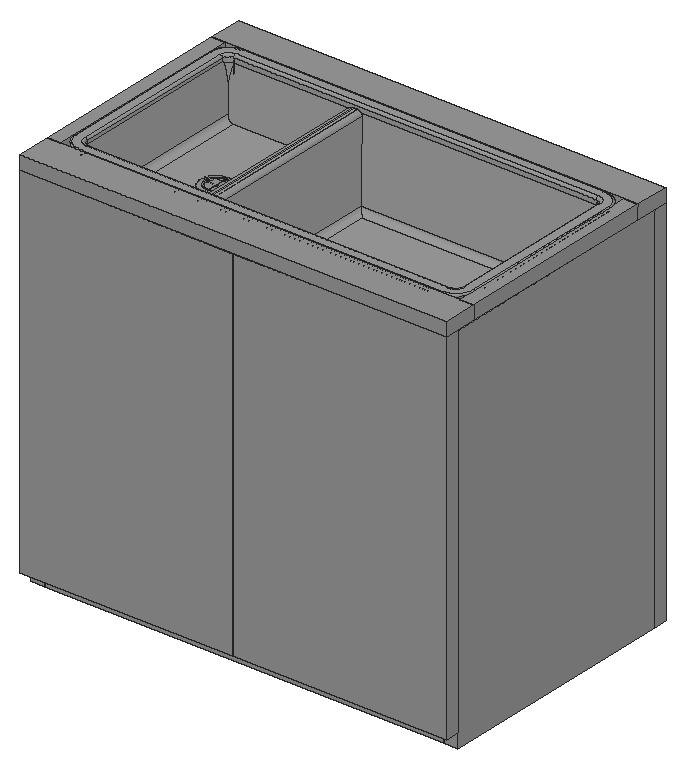
Revit family "MBS_closet with drawer for basins", category Generic Models, Revit 2014
Parameters (values of type "kitchen closet for basin")
  top material = Granite, Cut, Polished TOP MBS
  panel thickness = 30 mm
  closet with door material = Walnut KITCHEN CLOSET MBS
  c_top widht = 934 mm
  c_top depht = 75 mm
  c_shelf widht = c_closet base widht  # 874 mm
  c_shelf depht = c_closet base depht  # 540 mm
  c_closet top widht = c_closet base widht  # 874 mm
  c_closet top depht = c_closet base depht  # 540 mm
  c_closet side widht = c_closet base depht  # 540 mm
  c_closet side height = 820 mm
  c_closet door height = c_closet side height - panel thickness  # 790 mm
  c_closet base widht = 874 mm
  c_closet base depht = 540 mm
  c_closet back widht = c_closet base widht + 2 * panel thickness  # 934 mm
  c_closet back height = c_closet side height  # 820 mm
  c_close door widht = (c_closet base widht + 2 * panel thickness) / 2  # 467 mm
Reference planes
  plane 1 "Center (Front/Back)": y = 0
  plane 2: z = 0
  plane 3 "Center (Left/Right)": x = 0
  plane 4: y = 372.203
  plane 5: x = 297.839
  plane 6: y = -167.797
  plane 7: x = -576.161
  plane 8: x = -342.161
  plane 9: y = 372.203
  plane 10: y = -167.797
  plane 11: z = 0
  plane 12: z = 820
  plane 13: x = 297.839
  plane 14: x = 297.839
  plane 15: x = 297.839
  plane 16: x = 297.839
  plane 17: x = 297.839
  plane 18: x = 297.839
  plane 19: z = 0
  plane 20: y = 372.203
  plane 21: y = -167.797
  plane 22: z = 820
  plane 23: x = 297.839
  plane 24: x = 297.839
  plane 25: z = 790
  plane 26: y = 372.203
  plane 27: z = 0
  plane 28: z = 820
  plane 29: x = 327.839
  plane 30: x = -606.161
  plane 31: y = -122.797
  plane 32: z = 30
  plane 33: y = 372.203
  plane 34: y = -167.797
  plane 35: x = 297.839
  plane 36: x = -576.161
  plane 37: z = 431.881
  plane 38: z = 431.881
  plane 39: y = 372.203
  plane 40: y = -167.797
  plane 41: x = 297.839
  plane 42: x = -576.161
  plane 43: z = 30
  plane 44: z = 820
  plane 45: z = 30
  plane 46: z = 820
  plane 47: z = 820
  plane 48: y = 402.203
  plane 49: y = 327.203
  plane 50: x = 327.839
  plane 51: x = -606.161
  plane 52: y = -197.797
  plane 53: y = -122.797
  plane 54: x = 327.839
  plane 55: x = -606.161
Forms (mm)
  Extrusion 1, solid, material "Walnut KITCHEN CLOSET MBS" <- "closet with door material"
    sketch origin (0, 0, 0) x (1, 0, 0) y (0, 1, 0)
      loop
        line (-576.161, 372.203) -> (-576.161, -167.797) -> (297.839, -167.797) -> (297.839, 372.203) -> (-576.161, 372.203)
    from 0 to 30
  Extrusion 2, solid, material "Walnut KITCHEN CLOSET MBS" <- "closet with door material"
    sketch origin (-342.161, 1682.235, 732.603) x (0, 0, 1) y (0, 1, 0)
      loop
        line (-732.603, -1310.032) -> (-732.603, -1850.032) -> (87.397, -1850.032) -> (87.397, -1310.032) -> (-732.603, -1310.032)
    from 234 to 264
  Extrusion 3, solid, material "Walnut KITCHEN CLOSET MBS" <- "closet with door material"
    sketch origin (297.839, 1758.237, -180.672) x (0, 0, -1) y (0, 1, 0)
      loop
        line (-1000.672, -1386.034) -> (-1000.672, -1926.034) -> (-180.672, -1926.034) -> (-180.672, -1386.034) -> (-1000.672, -1386.034)
    from 0 to 30
  Extrusion 4, solid, material "Walnut KITCHEN CLOSET MBS" <- "closet with door material"
    sketch origin (30, 372.203, -485.587) x (0, 0, -1) y (-1, 0, 0)
      loop
        line (-1305.587, -297.839) -> (-485.587, -297.839) -> (-485.587, 636.161) -> (-1305.587, 636.161) -> (-1305.587, -297.839)
    from 0 to 30
  Extrusion 5, solid, material "Walnut KITCHEN CLOSET MBS" <- "closet with door material"
    sketch origin (-522.738, 2031.941, 30) x (-1, 0, 0) y (0, -1, 0)
      loop
        line (-820.577, 2199.738) -> (-820.577, 1659.738) -> (53.423, 1659.738) -> (53.423, 2199.738) -> (-820.577, 2199.738)
    from 0 to 30
  Extrusion 6, solid, material "Walnut KITCHEN CLOSET MBS" <- "closet with door material"
    sketch origin (-522.738, 2031.941, 431.881) x (-1, 0, 0) y (0, -1, 0)
      loop
        line (-820.577, 2199.738) -> (-820.577, 1659.738) -> (53.423, 1659.738) -> (53.423, 2199.738) -> (-820.577, 2199.738)
    from 0 to 30
  Extrusion 7, solid, material "Walnut KITCHEN CLOSET MBS" <- "closet with door material"
    sketch origin (1218.842, -147.797, -622.839) x (0, 0, -1) y (-1, 0, 0)
      loop
        line (-1442.839, 1358.003) -> (-652.839, 1358.003) -> (-652.839, 1825.003) -> (-1442.839, 1825.003) -> (-1442.839, 1358.003)
    from -50 to -20
  Extrusion 8, solid, material "Walnut KITCHEN CLOSET MBS" <- "closet with door material"
    sketch origin (-843.674, -147.797, -622.839) x (0, 0, -1) y (-1, 0, 0)
      loop
        line (-1442.839, -704.513) -> (-1442.839, -1171.513) -> (-652.839, -1171.513) -> (-652.839, -704.513) -> (-1442.839, -704.513)
    from -50 to -20
  Extrusion 9, solid, material "Granite, Cut, Polished TOP MBS" <- "top material"
    sketch origin (-350, 2395.774, 820) x (-1, 0, 0) y (0, -1, 0)
      loop
        line (-677.839, 2068.57) -> (-677.839, 1993.57) -> (256.161, 1993.57) -> (256.161, 2068.57) -> (-677.839, 2068.57)
    from 0 to 30
  Extrusion 10, solid, material "Granite, Cut, Polished TOP MBS" <- "top material"
    sketch origin (-350, -2191.367, 820) x (-1, 0, 0) y (0, -1, 0)
      loop
        line (-677.839, -2068.57) -> (256.161, -2068.57) -> (256.161, -1993.57) -> (-677.839, -1993.57) -> (-677.839, -2068.57)
    from 0 to 30
  Extrusion 11, solid, material "Granite, Cut, Polished TOP MBS" <- "top material"
    sketch origin (-202.161, -1524, 820) x (1, 0, 0) y (0, 1, 0)
      loop
        line (-374.839, 1851.215) -> (-404, 1851.215) -> (-404, 1401.203) -> (-374.839, 1401.203) -> (-374.839, 1851.215)
      loop
        line (499.161, 1851.215) -> (499.161, 1401.203) -> (530, 1401.203) -> (530, 1851.215) -> (499.161, 1851.215)
    from 0 to 30
Dimensions and locks
  "c_closet base widht": plane 7 to plane 5
  "c_closet base depht": plane 6 to plane 4
  "c_closet side widht": plane 9 to plane 10
  "c_closet side height": plane 11 to plane 12
  "c_closet side height": plane 22 to plane 19
  "c_closet side widht": plane 20 to plane 21
  "c_closet back height": plane 27 to plane 28
  "c_closet back widht": plane 29 to plane 30
  "panel thickness": Extrusion 2 to Extrusion 2
  "panel thickness": Extrusion 3 to Extrusion 3
  "panel thickness": Extrusion 1 to Extrusion 1
  "panel thickness": Extrusion 4 to Extrusion 4
  "c_shelf widht": plane 35 to plane 36
  "c_shelf depht": plane 33 to plane 34
  "panel thickness": Extrusion 5 to Extrusion 5
  "c_shelf widht": plane 41 to plane 42
  "c_shelf depht": plane 39 to plane 40
  "panel thickness": Extrusion 6 to Extrusion 6
  "c_closet door height": plane 44 to plane 43
  "c_close door widht": Extrusion 7 to Extrusion 7
  "panel thickness": Extrusion 7 to Extrusion 7
  "c_closet door height": plane 46 to plane 45
  "c_close door widht": Extrusion 8 to Extrusion 8
  "panel thickness": Extrusion 8 to Extrusion 8
  "c_top widht": plane 50 to plane 51
  "c_top depht": plane 49 to plane 48
  "panel thickness": Extrusion 9 to Extrusion 9
  "c_top widht": plane 54 to plane 55
  "c_top depht": plane 52 to plane 53
  "panel thickness": Extrusion 10 to Extrusion 10
  "panel thickness": Extrusion 11 to Extrusion 11  (x2)
  aligned and locked: level to plane 2
  aligned and locked: plane 4 to Extrusion 1 sketch curve
  aligned and locked: plane 5 to Extrusion 1 sketch curve
  aligned and locked: plane 6 to Extrusion 1 sketch curve
  aligned and locked: plane 7 to Extrusion 1 sketch curve
  aligned and locked: plane 9 to Extrusion 2 sketch curve
  aligned and locked: plane 10 to Extrusion 2 sketch curve
  aligned and locked: plane 11 to Extrusion 2 sketch curve
  aligned and locked: plane 12 to Extrusion 2 sketch curve
  aligned and locked: plane 19 to Extrusion 3 sketch curve
  aligned and locked: plane 20 to Extrusion 3 sketch curve
  aligned and locked: plane 22 to Extrusion 3 sketch curve
  aligned and locked: plane 21 to Extrusion 3 sketch curve
  aligned and locked: plane 27 to Extrusion 4 sketch curve
  aligned and locked: plane 28 to Extrusion 4 sketch curve
  aligned and locked: plane 29 to Extrusion 4 sketch curve
  aligned and locked: plane 30 to Extrusion 4 sketch curve
  aligned and locked: Extrusion 2 to Extrusion 1
  aligned and locked: Extrusion 5 sketch curve to plane 33
  aligned and locked: Extrusion 5 sketch curve to plane 34
  aligned and locked: plane 36 to Extrusion 5 sketch curve
  aligned and locked: Extrusion 5 sketch curve to plane 35
  aligned and locked: Extrusion 6 sketch curve to plane 39
  aligned and locked: Extrusion 6 sketch curve to plane 40
  aligned and locked: plane 42 to Extrusion 6 sketch curve
  aligned and locked: Extrusion 6 sketch curve to plane 41
  aligned and locked: Extrusion 7 sketch curve to plane 43
  aligned and locked: Extrusion 7 sketch curve to plane 44
  aligned and locked: Extrusion 2 to Extrusion 7
  aligned and locked: plane 45 to Extrusion 8 sketch curve
  aligned and locked: plane 46 to Extrusion 8 sketch curve
  aligned and locked: Extrusion 3 to Extrusion 8
  aligned and locked: Extrusion 8 to Extrusion 3
  aligned and locked: Extrusion 7 to Extrusion 2
  aligned and locked: plane 48 to Extrusion 9 sketch curve
  aligned and locked: Extrusion 9 sketch curve to plane 49
  aligned and locked: Extrusion 9 sketch curve to plane 51
  aligned and locked: plane 50 to Extrusion 9 sketch curve
  aligned and locked: plane 52 to Extrusion 10 sketch curve
  aligned and locked: plane 53 to Extrusion 10 sketch curve
  aligned and locked: Extrusion 10 sketch curve to plane 55
  aligned and locked: plane 54 to Extrusion 10 sketch curve
Automatic sketch dimensions
  Extrusion 7 sketch curve to plane 3 "Center (Left/Right)" = 139.161 mm
  plane 8 to Extrusion 7 sketch curve = 264 mm
  Extrusion 8 sketch curve to plane 13 = 30 mm
  Extrusion 8 sketch curve to plane 3 "Center (Left/Right)" = 139.161 mm
  Extrusion 11 sketch curve to plane 26 = 44.988 mm  (x2)
  plane 8 to Extrusion 11 sketch curve = 264 mm
  Extrusion 11 sketch curve to Extrusion 11 sketch curve = 29.161 mm
  plane 13 to Extrusion 11 sketch curve = 0.839 mm
  Extrusion 11 sketch curve to plane 13 = 30 mm
  Extrusion 11 sketch curve to plane 31 = 0 mm  (x2)
Nested families
  nested 1: "Sink_Himacs_CS824D" at (-140, 102.203, 640), type "Sink_Himacs_CS824D"
Definition of nested family "Sink_Himacs_CS824D"
  Parameters (values of type "Sink_Himacs_CS824D")
    Youtube clip = ""
    Width = 874 mm
    Weight Net (Kg) = "18,9"
    Uniclass 2.0 Description = "Wash Basin Systems"
    Uniclass 2.0 Code = "SS-35-65-70-94"
    Uniclass 1.4 Description = "Washbasins"
    Uniclass 1.4 Code = "L7212"
    UNSPSC Code = "301815"
    Technical description = "http://himacs.eu/includes/pdf/LG_Hausys_sinks_technical_datasheet_2014.pdf"
    Region South America = "None"
    Region Oceania = "None"
    Region North America = "None"
    Region Middle East = "None"
    Region Europe = "AT, BE, BG, CH, CS, CY, CZ, DE, DK, EE, ES, FI, FR, GB, GR, HR, HU, IE, IT, LI, LT, LU, LV, MC, MT, NL, NO, PL, PT, RO, RS, SE, SK, UA"
    Region Asia = "None"
    Region Antarctica = "None"
    Region Africa = "None"
    QR code = "http://himacs.bimobject.com/CS824D"
    Product group = "Sinks"
    Product family = "Sinks, Baby Baths & Bowls"
    Product data url = "http://himacs.bimobject.com/CS824D"
    Product certification = ""
    Product SKU = "CS824D"
    Nominal width = "874"
    Nominal height = "200"
    NBS Reference Description = "Wash Basin Systems"
    NBS Reference Code = "35-65-70-94"
    Material Secondary = Steel_Himacs_CS824D_Polished
    Material Main = Natural Acrylic stone_Himacs_CS824D_White
    Manufacturer name = "HI-MACS"
    Manufacturer country = "Italy"
    Manufacturer URL = "http://himacs.eu/"
    Installation instructions = "http://himacs.eu/includes/pdf/HI-MACS_Shape-Installation_UK.pdf"
    IFC Classification = "Furnishing Element"
    Height = 210 mm
    Edition number = "1"
    EAN code = ""
    Design country = "Italy"
    Description = "HI-MACS@ Sinks are produced using a high-quality casting technique. No matter which product you choose from our extensive, eminently combinable selection, all sinks are flush-mounted into the countertop or installed below the surface. Special custom-made creations are also an option."
    Depth = 450 mm
    Date of publishing = "2014-10-09"
    COBIe Type Category = ""
    BIMobject category = "Sanitary"
  Reference planes
    plane 1 "Center (Front/Back)": y = 0
    plane 2: z = 0
    plane 3 "Center (Left/Right)": x = 0
    plane 4: x = -437
    plane 5: x = 437
    plane 6: y = 225
    plane 7: y = -225
    plane 8: z = 210
  Lines and regions (mm)
    symbolic lines
      curve 1: line (-1506.53, 0, 0) -> (-188.312, 0, 0)
      curve 2: line (-125.843, 0, 0) -> (1839.148, 0, 0)
  Dimensions and locks
    equal spacing: plane 4, plane 3 "Center (Left/Right)", plane 5
    "Width": plane 4 to plane 5
    equal spacing: plane 6, plane 1 "Center (Front/Back)", plane 7
    "Depth": plane 6 to plane 7
    "Height": plane 8 to level
    aligned and locked: level to plane 2
  Automatic sketch dimensions
    curve 1 to level = 0 mm
    curve 1 to plane 4 = 1069.53 mm
    plane 5 to curve 2 = 1402.148 mm
    curve 2 to level = 0 mm
    curve 1 to plane 3 "Center (Left/Right)" = 188.312 mm
    curve 1 to curve 2 = 62.469 mm
  Nested families
    nested 1: "CS824D" at (0, 0, 0) x (-1, 0, 0) z (0, 0, 1), type "CS824D"
  Definition of nested family "CS824D"
    Parameters (values of type "CS824D")
      Youtube clip = ""
      Width = 874 mm
      Weight Net (Kg) = "18,9"
      Uniclass 2.0 Description = "Wash Basin Systems"
      Uniclass 2.0 Code = "SS-35-65-70-94"
      Uniclass 1.4 Description = "Washbasins"
      Uniclass 1.4 Code = "L7212"
      UNSPSC Code = "301815"
      Technical description = "http://himacs.eu/includes/pdf/LG_Hausys_sinks_technical_datasheet_2014.pdf"
      Region South America = "None"
      Region Oceania = "None"
      Region North America = "None"
      Region Middle East = "None"
      Region Europe = "AT, BE, BG, CH, CS, CY, CZ, DE, DK, EE, ES, FI, FR, GB, GR, HR, HU, IE, IT, LI, LT, LU, LV, MC, MT, NL, NO, PL, PT, RO, RS, SE, SK, UA"
      Region Asia = "None"
      Region Antarctica = "None"
      Region Africa = "None"
      QR code = "http://himacs.bimobject.com/CS824D"
      Product group = "Sinks"
      Product family = "Sinks, Baby Baths & Bowls"
      Product data url = "http://himacs.bimobject.com/CS824D"
      Product certification = ""
      Product SKU = "CS824D"
      Nominal width = "874"
      Nominal height = "200"
      NBS Reference Description = "Wash Basin Systems"
      NBS Reference Code = "35-65-70-94"
      Material Secondary = Steel_Himacs_CS824D_Polished
      Material Main = Natural Acrylic stone_Himacs_CS824D_White
      Manufacturer name = "HI-MACS"
      Manufacturer country = "Italy"
      Manufacturer URL = "http://himacs.eu/"
      Installation instructions = "http://himacs.eu/includes/pdf/HI-MACS_Shape-Installation_UK.pdf"
      IFC Classification = "Furnishing Element"
      Height = 210 mm
      Edition number = "1"
      EAN code = ""
      Design country = "Italy"
      Description = "HI-MACS@ Sinks are produced using a high-quality casting technique. No matter which product you choose from our extensive, eminently combinable selection, all sinks are flush-mounted into the countertop or installed below the surface. Special custom-made creations are also an option."
      Depth = 450 mm
      Date of publishing = "2014-10-09"
      COBIe Type Category = ""
      BIMobject category = "Sanitary"
    Reference planes
      plane 1 "Center (Front/Back)": y = 0
      plane 2: z = 0
      plane 3 "Center (Left/Right)": x = 0
      plane 4: x = -437
      plane 5: x = 437
      plane 6: y = 225
      plane 7: y = -225
      plane 8: z = 210
      plane 9: z = 200
    Forms (mm)
      Extrusion 1, void
        sketch origin (-95.94, -38.717, 0) x (1, 0, 0) y (0, 1, 0)
          loop
            circle (-51.067, 38.717) r 25
        from -42.169 to 24.113
      Extrusion 2, void
        sketch origin (-145.948, -144.461, 0) x (1, 0, 0) y (0, 1, 0)
          loop
            line (-20.928, 145.794) -> (-20.928, 143.213) -> (-3.24, 143.213) -> (-3.24, 145.794) -> (-20.928, 145.794)
          loop
            line (19.93, 145.794) -> (2.242, 145.794) -> (2.242, 143.213) -> (19.93, 143.213) -> (19.93, 145.794)
          loop
            line (0.792, 165.245) -> (-1.79, 165.245) -> (-1.79, 147.557) -> (0.792, 147.557) -> (0.792, 165.245)
          loop
            line (0.792, 124.075) -> (0.792, 141.762) -> (-1.79, 141.762) -> (-1.79, 124.075) -> (0.792, 124.075)
        from -16.809 to 38.611
      Revolve 3, solid, material "Steel_Himacs_CS824D_Polished" <- "Material Secondary", detail levels fine
        sketch origin (-146.8, -94.898, 0.005) x (0, 1, -0.000081) y (0, 0.000081, 1)
          loop
            line (94.324, 11.805) -> (94.324, 14) -> (72.721, 14)
            arc (72.721, 14) -> (71.82, 14.214) -> (71.112, 14.811) r 2
            arc (71.112, 14.811) -> (70.324, 15.45) -> (69.324, 15.627) r 2.028
            arc (69.324, 15.627) -> (64.52, 15.031) -> (59.79, 14) r 53.074
            line (59.79, 14) -> (69.324, 14) -> (69.324, 0) -> (63.196, 0)
            arc (63.196, 0) -> (66.549, -1.238) -> (70.012, -2.121) r 34.407
            arc (70.012, -2.121) -> (70.576, -1.98) -> (70.825, -1.455) r 0.679
            line (70.825, -1.455) -> (70.825, 10.915)
            arc (70.825, 10.915) -> (71.085, 11.544) -> (71.715, 11.805) r 0.89
            line (71.715, 11.805) -> (94.324, 11.805)
          axis (94.324, 15.627) -> (94.324, -2.121)
        angle from 0 to 360
      Extrusion 4, solid, material "Natural Acrylic stone_Himacs_CS824D_White" <- "Material Main", detail levels fine
        sketch origin (0, 0, 0) x (1, 0, 0) y (0, 0, 1)
          loop
            line (-421.678, 200) -> (-405.778, 18.257)
            arc (-405.778, 18.257) -> (-399.366, 5.254) -> (-385.854, 0) r 20
            line (-385.854, 0) -> (93.44, 0)
            arc (93.44, 0) -> (106.951, 5.254) -> (113.364, 18.255) r 20
            line (113.364, 18.255) -> (128.071, 186.132)
            arc (128.071, 186.132) -> (133.053, 190.696) -> (138.033, 186.13) r 5
            line (138.033, 186.13) -> (146.574, 88.261)
            arc (146.574, 88.261) -> (152.985, 75.256) -> (166.499, 70) r 20
            line (166.499, 70) -> (391.938, 70)
            arc (391.938, 70) -> (405.45, 75.254) -> (411.862, 88.257) r 20
            line (411.862, 88.257) -> (421.638, 200) -> (411.6, 200) -> (402.57, 96.78)
            arc (402.57, 96.78) -> (398.081, 87.678) -> (388.623, 84) r 14
            line (388.623, 84) -> (170.414, 84)
            arc (170.414, 84) -> (160.956, 87.678) -> (156.467, 96.78) r 14
            line (156.467, 96.78) -> (148.555, 187.22)
            arc (148.555, 187.22) -> (144.066, 196.322) -> (134.608, 200) r 14
            line (134.608, 200) -> (131.453, 200)
            arc (131.453, 200) -> (121.995, 196.322) -> (117.506, 187.22) r 14
            line (117.506, 187.22) -> (103.469, 26.78)
            arc (103.469, 26.78) -> (98.981, 17.678) -> (89.523, 14) r 14
            line (89.523, 14) -> (-382.538, 14)
            arc (-382.538, 14) -> (-391.997, 17.678) -> (-396.485, 26.78) r 14
            line (-396.485, 26.78) -> (-411.64, 200) -> (-421.678, 200)
        from -210 to 210
      Extrusion 5, solid, material "Natural Acrylic stone_Himacs_CS824D_White" <- "Material Main", detail levels fine
        sketch origin (0, 0, 0) x (0, 1, 0) y (0, 0, 1)
          loop
            line (199.6, 200) -> (187.505, 27.029)
            arc (187.505, 27.029) -> (183.087, 17.766) -> (173.539, 14.005) r 14
            line (173.539, 14.005) -> (-165.566, 14.005)
            arc (-165.566, 14.005) -> (-174.843, 17.52) -> (-179.462, 26.299) r 14
            line (-179.462, 26.299) -> (-200.789, 200) -> (-210.865, 200) -> (-188.464, 17.563)
            arc (-188.464, 17.563) -> (-181.866, 5.021) -> (-168.613, 0) r 20
            line (-168.613, 0) -> (176.989, 0)
            arc (176.989, 0) -> (190.629, 5.373) -> (196.94, 18.605) r 20
            line (196.94, 18.605) -> (209.624, 200) -> (199.6, 200)
        from -421.678 to 432.536
      Extrusion 6, void
        sketch origin (0, 0, 0) x (1, 0, 0) y (0, 0, 1)
          loop
            line (-422.116, 205) -> (-442, 205) -> (-442, -5) -> (442, -5) -> (442, 205) -> (422.077, 205) -> (411.863, 88.257)
            arc (411.863, 88.257) -> (405.451, 75.254) -> (391.939, 70) r 20
            line (391.939, 70) -> (166.499, 70)
            arc (166.499, 70) -> (152.985, 75.256) -> (146.574, 88.261) r 20
            line (146.574, 88.261) -> (138.033, 186.13)
            arc (138.033, 186.13) -> (133.053, 190.696) -> (128.071, 186.132) r 5
            line (128.071, 186.132) -> (113.364, 18.255)
            arc (113.364, 18.255) -> (106.951, 5.254) -> (93.44, 0) r 20
            line (93.44, 0) -> (-385.854, 0)
            arc (-385.854, 0) -> (-399.366, 5.254) -> (-405.778, 18.257) r 20
            line (-405.778, 18.257) -> (-422.116, 205)
        from -245.972 to 264.894
      Sweep 7, solid, material "Natural Acrylic stone_Himacs_CS824D_White" <- "Material Main", detail levels fine
        path origin (0, 0, 0) x (1, 0, 0) y (0, 1, 0)
          loop
            arc (-397, 225) -> (-425.284, 213.284) -> (-437, 185) r 40
            line (-437, 185) -> (-437, -185)
            arc (-437, -185) -> (-425.284, -213.284) -> (-397, -225) r 40
            line (-397, -225) -> (397, -225)
            arc (397, -225) -> (425.284, -213.284) -> (437, -185) r 40
            line (437, -185) -> (437, 185)
            arc (437, 185) -> (425.284, 213.284) -> (397, 225) r 40
            line (397, 225) -> (-397, 225)
        profile origin (0, 225, 0) x (0, 1, 0) y (0, 0, 1)
          loop
            line (-2.605, 210) -> (-20.4, 210)
            arc (-20.4, 210) -> (-23.936, 208.536) -> (-25.4, 205) r 5
            line (-25.4, 205) -> (-25.4, 195.349) -> (-15.701, 195.349)
            arc (-15.701, 195.349) -> (-14.123, 198.657) -> (-10.713, 200) r 5
            line (-10.713, 200) -> (-3.433, 200)
            arc (-3.433, 200) -> (-2.215, 200.413) -> (-1.501, 201.482) r 2
            line (-1.501, 201.482) -> (-0.095, 206.729)
            arc (-0.095, 206.729) -> (-0.544, 208.983) -> (-2.605, 210) r 2.599
      Extrusion 8, solid, material "Natural Acrylic stone_Himacs_CS824D_White" <- "Material Main", detail levels fine
        sketch origin (-0.078, 0.078, 0) x (1, 0, 0) y (0, 1, 0)
          loop
            arc (-411.6, 185) -> (-407.324, 195.324) -> (-397, 199.6) r 14.6
            line (-397, 199.6) -> (-397, 201.6)
            arc (-397, 201.6) -> (-408.738, 196.738) -> (-413.6, 185) r 16.6
            line (-413.6, 185) -> (-411.6, 185)
        from 141.487 to 200
      Extrusion 9, solid, material "Natural Acrylic stone_Himacs_CS824D_White" <- "Material Main", detail levels fine
        sketch origin (0.078, 0.078, 0) x (-1, 0, 0) y (0, -1, 0)
          loop
            line (-411.6, -185) -> (-413.6, -185)
            arc (-413.6, -185) -> (-408.738, -196.738) -> (-397, -201.6) r 16.6
            line (-397, -201.6) -> (-397, -199.6)
            arc (-397, -199.6) -> (-407.324, -195.324) -> (-411.6, -185) r 14.6
        from 141.487 to 200
      Extrusion 10, solid, material "Natural Acrylic stone_Himacs_CS824D_White" <- "Material Main", detail levels fine
        sketch origin (-0.078, -0.078, 0) x (1, 0, 0) y (0, 1, 0)
          loop
            line (-411.6, -185) -> (-413.6, -185)
            arc (-413.6, -185) -> (-408.738, -196.738) -> (-397, -201.6) r 16.6
            line (-397, -201.6) -> (-397, -199.6)
            arc (-397, -199.6) -> (-407.324, -195.324) -> (-411.6, -185) r 14.6
        from 141.487 to 200
      Extrusion 11, solid, material "Natural Acrylic stone_Himacs_CS824D_White" <- "Material Main", detail levels fine
        sketch origin (0.078, -0.078, 0) x (-1, 0, 0) y (0, -1, 0)
          loop
            arc (-411.6, 185) -> (-407.324, 195.324) -> (-397, 199.6) r 14.6
            line (-397, 199.6) -> (-397, 201.6)
            arc (-397, 201.6) -> (-408.738, 196.738) -> (-413.6, 185) r 16.6
            line (-413.6, 185) -> (-411.6, 185)
        from 141.487 to 200
      Extrusion 12, void
        sketch origin (108.909, -144.812, 69.138) x (1, 0, 0) y (0, 1, 0)
          loop
            line (147.635, 145.482) -> (147.635, 142.9) -> (165.635, 142.9) -> (165.635, 145.482) -> (147.635, 145.482)
          loop
            line (189.117, 145.482) -> (171.117, 145.482) -> (171.117, 142.9) -> (189.117, 142.9) -> (189.117, 145.482)
          loop
            line (169.667, 165.245) -> (167.085, 165.245) -> (167.085, 147.245) -> (169.667, 147.245) -> (169.667, 165.245)
          loop
            line (169.667, 123.45) -> (169.667, 141.45) -> (167.085, 141.45) -> (167.085, 123.45) -> (169.667, 123.45)
        from -5.779 to 25.972
      Revolve 13, solid, material "Steel_Himacs_CS824D_Polished" <- "Material Secondary", detail levels fine
        sketch origin (276.89, -94.928, 70.063) x (0, 1, 0) y (0, 0, -1)
          loop
            line (94.324, -11.805) -> (71.715, -11.805)
            arc (71.715, -11.805) -> (71.085, -11.544) -> (70.825, -10.915) r 0.89
            line (70.825, -10.915) -> (70.825, 1.455)
            arc (70.825, 1.455) -> (70.576, 1.98) -> (70.012, 2.121) r 0.679
            arc (70.012, 2.121) -> (66.549, 1.238) -> (63.196, 0) r 34.407
            line (63.196, 0) -> (69.324, 0) -> (69.324, -14) -> (59.79, -14)
            arc (59.79, -14) -> (64.52, -15.031) -> (69.324, -15.627) r 53.074
            arc (69.324, -15.627) -> (70.324, -15.45) -> (71.112, -14.811) r 2.028
            arc (71.112, -14.811) -> (71.82, -14.214) -> (72.721, -14) r 2
            line (72.721, -14) -> (94.324, -14) -> (94.324, -11.805)
          axis (94.324, -15.627) -> (94.324, 2.121)
        angle from 0 to 360
      Extrusion 14, void
        sketch origin (205.004, -273.709, 0) x (-1, 0, 0) y (0, -1, 0)
          loop
            circle (-72.086, -273.106) r 25
        from -12.28 to 110.292
      Extrusion 15, solid, detail levels coarse
        sketch origin (0, 0, 0) x (1, 0, 0) y (0, 1, 0)
          loop
            arc (-397, 225) -> (-425.284, 213.284) -> (-437, 185) r 40
            line (-437, 185) -> (-437, -185)
            arc (-437, -185) -> (-425.284, -213.284) -> (-397, -225) r 40
            line (-397, -225) -> (397, -225)
            arc (397, -225) -> (425.284, -213.284) -> (437, -185) r 40
            line (437, -185) -> (437, 185)
            arc (437, 185) -> (425.284, 213.284) -> (397, 225) r 40
            line (397, 225) -> (-397, 225)
        from 0 to 210
      Sweep 16, solid, detail levels medium
        path origin (0, 0, 0) x (1, 0, 0) y (0, 1, 0)
          loop
            arc (-397, 225) -> (-425.284, 213.284) -> (-437, 185) r 40
            line (-437, 185) -> (-437, -185)
            arc (-437, -185) -> (-425.284, -213.284) -> (-397, -225) r 40
            line (-397, -225) -> (397, -225)
            arc (397, -225) -> (425.284, -213.284) -> (437, -185) r 40
            line (437, -185) -> (437, 185)
            arc (437, 185) -> (425.284, 213.284) -> (397, 225) r 40
            line (397, 225) -> (-397, 225)
        profile origin (0, 225, 0) x (0, 1, 0) y (0, 0, 1)
          loop
            line (-6.367, 210) -> (-13.721, 210)
            arc (-13.721, 210) -> (-18.161, 208.161) -> (-20, 203.721) r 6.279
            line (-20, 203.721) -> (-20, 0) -> (-15, 0)
            arc (-15, 0) -> (-4.393, 4.393) -> (0, 15) r 15
            line (0, 15) -> (0, 203.633)
            arc (0, 203.633) -> (-1.865, 208.135) -> (-6.367, 210) r 6.367
      Extrusion 17, solid, detail levels medium
        sketch origin (0, 0, 0) x (1, 0, 0) y (0, 0, 1)
          loop
            arc (107.259, 41.078) -> (99.244, 24.825) -> (82.354, 18.257) r 25
            line (82.354, 18.257) -> (-400.285, 18.257)
            arc (-400.285, 18.257) -> (-412.271, 25.224) -> (-417, 38.257) r 20.323
            line (-417, 38.257) -> (-417, 18.257) -> (-417, 0) -> (27.838, 0) -> (422.805, 0) -> (429.789, 200) -> (421.638, 200) -> (411.862, 88.257)
            arc (411.862, 88.257) -> (405.45, 75.254) -> (391.938, 70) r 20
            line (391.938, 70) -> (175.224, 70)
            arc (175.224, 70) -> (161.712, 75.254) -> (155.3, 88.257) r 20
            line (155.3, 88.257) -> (146.958, 183.61)
            arc (146.958, 183.61) -> (144.713, 188.161) -> (139.984, 190) r 7
            line (139.984, 190) -> (126.702, 190)
            arc (126.702, 190) -> (121.973, 188.161) -> (119.729, 183.61) r 7
            line (119.729, 183.61) -> (107.259, 41.078)
        from -194.624 to 194.675
      Extrusion 18, void
        sketch origin (0, 0, 0) x (0, 1, 0) y (0, 0, 1)
          loop
            arc (196.94, 18.605) -> (190.629, 5.373) -> (176.989, 0) r 20
            line (176.989, 0) -> (-168.613, 0)
            arc (-168.613, 0) -> (-181.866, 5.021) -> (-188.464, 17.563) r 20
            line (-188.464, 17.563) -> (-213.32, 220) -> (-225, 220) -> (-225, -20) -> (235.324, -20) -> (235.324, 210) -> (210.324, 210) -> (196.94, 18.605)
        from -442 to 477.299
    Cuts and joins
      Extrusion 1, Extrusion 6, Extrusion 14, Extrusion 18 cuts Extrusion 5
      Extrusion 1, Extrusion 12, Extrusion 14, Extrusion 18 cuts Extrusion 4
      Extrusion 2, Extrusion 12, Extrusion 14 cuts Revolve 3
      Extrusion 12 cuts Revolve 13
    Lines and regions (mm)
      symbolic lines
        curve 1: line (-397, 225, 0) -> (397, 225, 0)
        curve 2: line (-437, -185, 0) -> (-437, 185, 0)
        curve 3: line (397, -225, 0) -> (-397, -225, 0)
        curve 4: line (437, 185, 0) -> (437, -185, 0)
        curve 5: arc (-397, 225, 0) -> (-425.284, 213.284, 0) -> (-437, 185, 0) r 40
        curve 6: arc (397, 225, 0) -> (425.284, 213.284, 0) -> (437, 185, 0) r 40
        curve 7: arc (-437, -185, 0) -> (-425.284, -213.284, 0) -> (-397, -225, 0) r 40
        curve 8: arc (397, -225, 0) -> (425.284, -213.284, 0) -> (437, -185, 0) r 40
        curve 17: circle (-146.697, -0.119, 0) r 34.343 normal (0, 0, 1)
        curve 18: circle (276.686, -0.787, 0) r 34.661 normal (0, 0, 1)
        curve 55: line (0, 222.488, 210) -> (0, -222.456, 210)
        curve 56: line (0, 223.446, 201.331) -> (0, 224.92, 206.831)
        curve 57: line (0, -221.624, 200) -> (0, -214.516, 200)
        curve 58: line (0, -224.925, 206.782) -> (0, -223.491, 201.432)
        curve 59: line (0, 209.307, 195.455) -> (0, 196.859, 17.449)
        curve 60: arc (0, 183.608, 0) -> (0, 192.836, 6.749) -> (0, 196.859, 17.449) r 20
        curve 61: line (0, 158.056, 0) -> (0, 30.084, 0)
        curve 62: arc (0, -169.369, 0) -> (0, -185.185, 7.899) -> (0, -191.606, 24.37) r 24.575
        curve 63: line (0, -191.606, 24.37) -> (0, -209.129, 195.554)
        curve 64: line (0, 183.608, 0) -> (0, 158.056, 0)
        curve 65: arc (0, 30.084, 0) -> (0, 26.624, -1.138) -> (0, 23.053, -1.863) r 31.019
        curve 66: line (0, 23.053, -1.863) -> (0, -25.712, -2.111)
        curve 67: arc (0, -25.712, -2.111) -> (0, -29.028, -1.234) -> (0, -32.228, 0) r 31.298
        curve 68: arc (0, 213.449, 200) -> (0, 210.601, 198.436) -> (0, 209.307, 195.455) r 5.023
        curve 69: arc (0, -209.129, 195.554) -> (0, -211.014, 198.757) -> (0, -214.516, 200) r 5.433
        curve 71: line (0, 213.449, 200) -> (0, 221.712, 200)
        curve 72: arc (0, 224.92, 206.831) -> (0, 224.485, 209.015) -> (0, 222.488, 210) r 2.518
        curve 73: arc (0, 221.712, 200) -> (0, 222.805, 200.371) -> (0, 223.446, 201.331) r 1.796
        curve 74: arc (0, -223.491, 201.432) -> (0, -222.801, 200.399) -> (0, -221.624, 200) r 1.933
        curve 75: arc (0, -222.456, 210) -> (0, -224.483, 209) -> (0, -224.925, 206.782) r 2.556
        curve 77: line (0, -32.228, 0) -> (0, -169.369, 0)
        curve 78: line (-434.423, 0, 210) -> (434.426, 0, 210)
        curve 79: line (436.969, 0, 206.625) -> (435.495, 0, 201.486)
        curve 80: line (433.523, 0, 200) -> (426.22, 0, 200)
        curve 81: line (-435.478, 0, 201.35) -> (-436.923, 0, 206.742)
        curve 82: line (-433.719, 0, 200) -> (-426.26, 0, 200)
        curve 83: line (-405.778, 0, 18.257) -> (-421.279, 0, 195.436)
        curve 84: arc (-405.778, 0, 18.257) -> (-399.366, 0, 5.254) -> (-385.854, 0, 0) r 20
        curve 85: line (-1506.53, 0, 0) -> (-188.312, 0, 0)
        curve 86: arc (93.44, 0, 0) -> (106.951, 0, 5.254) -> (113.364, 0, 18.255) r 20
        curve 87: line (113.364, 0, 18.255) -> (128.071, 0, 186.132)
        curve 88: arc (128.071, 0, 186.132) -> (133.053, 0, 190.696) -> (138.033, 0, 186.13) r 5
        curve 89: line (138.033, 0, 186.13) -> (146.574, 0, 88.261)
        curve 90: arc (146.574, 0, 88.261) -> (152.985, 0, 75.256) -> (166.499, 0, 70) r 20
        curve 91: line (166.499, 0, 70) -> (245.609, 0, 70)
        curve 92: line (411.862, 0, 88.257) -> (421.239, 0, 195.436)
        curve 93: arc (391.938, 0, 70) -> (405.45, 0, 75.254) -> (411.862, 0, 88.257) r 20
        curve 95: arc (-436.923, 0, 206.742) -> (-436.476, 0, 208.988) -> (-434.423, 0, 210) r 2.588
        curve 96: arc (-433.719, 0, 200) -> (-434.827, 0, 200.376) -> (-435.478, 0, 201.35) r 1.821
        curve 97: arc (-426.26, 0, 200) -> (-422.882, 0, 198.686) -> (-421.279, 0, 195.436) r 5
        curve 98: arc (426.22, 0, 200) -> (422.842, 0, 198.686) -> (421.239, 0, 195.436) r 5
        curve 99: arc (435.495, 0, 201.486) -> (434.758, 0, 200.413) -> (433.523, 0, 200) r 2.052
        curve 100: arc (434.426, 0, 210) -> (436.539, 0, 208.946) -> (436.969, 0, 206.625) r 2.646
        curve 101: arc (-181.153, 0, -2.189) -> (-184.794, 0, -1.296) -> (-188.312, 0, 0) r 33.348
        curve 102: line (-181.153, 0, -2.189) -> (-132.716, 0, -2.189)
        curve 103: arc (-132.716, 0, -2.189) -> (-129.228, 0, -1.255) -> (-125.843, 0, 0) r 38.729
        curve 105: line (-125.843, 0, 0) -> (1839.148, 0, 0)
        curve 106: arc (252.769, 0, 67.811) -> (249.127, 0, 68.704) -> (245.609, 0, 70) r 33.348
        curve 107: line (252.769, 0, 67.811) -> (300.581, 0, 67.811)
        curve 108: arc (300.581, 0, 67.811) -> (304.068, 0, 68.745) -> (307.453, 0, 70) r 38.729
        curve 110: line (307.453, 0, 70) -> (391.938, 0, 70)
      symbolic lines, detail levels medium+fine
        curve 9: line (-396.6, 199.6, 0) -> (396.6, 199.6, 0)
        curve 10: line (-411.6, -184.6, 0) -> (-411.6, 184.6, 0)
        curve 11: line (396.6, -199.6, 0) -> (-396.6, -199.6, 0)
        curve 12: line (411.6, 184.6, 0) -> (411.6, -184.6, 0)
        curve 13: arc (-396.6, 199.6, 0) -> (-407.207, 195.207, 0) -> (-411.6, 184.6, 0) r 15
        curve 14: arc (396.6, 199.6, 0) -> (407.207, 195.207, 0) -> (411.6, 184.6, 0) r 15
        curve 15: arc (-411.6, -184.6, 0) -> (-407.207, -195.207, 0) -> (-396.6, -199.6, 0) r 15
        curve 16: arc (396.6, -199.6, 0) -> (407.207, -195.207, 0) -> (411.6, -184.6, 0) r 15
        curve 19: circle (-146.697, -0.119, 0) r 23.543 normal (0, 0, 1)
        curve 20: circle (276.686, -0.787, 0) r 23.861 normal (0, 0, 1)
        curve 53: line (118, 199.6, 0) -> (118, -199.6, 0)
        curve 54: line (148, 199.6, 0) -> (148, -199.6, 0)
        curve 70: line (0, -214.516, 200) -> (0, 213.449, 200)
        curve 94: line (426.22, 0, 200) -> (-426.26, 0, 200)
      symbolic lines, detail levels fine
        curve 21: line (-145.156, 3.096, 0) -> (-145.156, 21.096, 0)
        curve 22: line (-145.156, 21.096, 0) -> (-147.737, 21.096, 0)
        curve 23: line (-147.737, 21.096, 0) -> (-147.737, 3.096, 0)
        curve 24: line (-147.737, 3.096, 0) -> (-145.156, 3.096, 0)
        curve 25: line (-149.188, 1.333, 0) -> (-167.188, 1.333, 0)
        curve 26: line (-149.188, -1.249, 0) -> (-149.188, 1.333, 0)
        curve 27: line (-167.188, -1.249, 0) -> (-149.188, -1.249, 0)
        curve 28: line (-167.188, 1.333, 0) -> (-167.188, -1.249, 0)
        curve 29: line (-125.705, 1.333, 0) -> (-143.705, 1.333, 0)
        curve 30: line (-125.705, -1.249, 0) -> (-125.705, 1.333, 0)
        curve 31: line (-143.705, -1.249, 0) -> (-125.705, -1.249, 0)
        curve 32: line (-143.705, 1.333, 0) -> (-143.705, -1.249, 0)
        curve 33: line (-145.156, -2.699, 0) -> (-147.737, -2.699, 0)
        curve 34: line (-145.156, -20.699, 0) -> (-145.156, -2.699, 0)
        curve 35: line (-147.737, -2.699, 0) -> (-147.737, -20.699, 0)
        curve 36: line (-147.737, -20.699, 0) -> (-145.156, -20.699, 0)
        curve 37: line (275.934, 20.244, 0) -> (275.934, 2.244, 0)
        curve 38: line (278.516, 2.244, 0) -> (278.516, 20.244, 0)
        curve 39: line (278.516, 20.244, 0) -> (275.934, 20.244, 0)
        curve 40: line (275.934, 2.244, 0) -> (278.516, 2.244, 0)
        curve 41: line (274.483, 0.481, 0) -> (256.483, 0.481, 0)
        curve 42: line (256.483, 0.481, 0) -> (256.483, -2.1, 0)
        curve 43: line (256.483, -2.1, 0) -> (274.483, -2.1, 0)
        curve 44: line (274.483, -2.1, 0) -> (274.483, 0.481, 0)
        curve 45: line (297.966, 0.481, 0) -> (279.966, 0.481, 0)
        curve 46: line (279.966, -2.1, 0) -> (297.966, -2.1, 0)
        curve 47: line (297.966, -2.1, 0) -> (297.966, 0.481, 0)
        curve 48: line (279.966, 0.481, 0) -> (279.966, -2.1, 0)
        curve 49: line (278.516, -3.551, 0) -> (275.934, -3.551, 0)
        curve 50: line (278.516, -21.551, 0) -> (278.516, -3.551, 0)
        curve 51: line (275.934, -3.551, 0) -> (275.934, -21.551, 0)
        curve 52: line (275.934, -21.551, 0) -> (278.516, -21.551, 0)
        curve 76: line (0, 30.084, 0) -> (0, -32.228, 0)
        curve 104: line (-188.312, 0, 0) -> (-125.843, 0, 0)
        curve 109: line (245.609, 0, 70) -> (307.453, 0, 70)
    Dimensions and locks
      equal spacing: plane 4, plane 3 "Center (Left/Right)", plane 5
      "Width": plane 4 to plane 5
      equal spacing: plane 6, plane 1 "Center (Front/Back)", plane 7
      "Depth": plane 6 to plane 7
      "Height": plane 8 to level
      aligned and locked: level to plane 2
    Automatic sketch dimensions
      Extrusion 1 sketch curve to plane 3 "Center (Left/Right)" = 147.006 mm
      Extrusion 2 sketch curve to plane 3 "Center (Left/Right)" = 166.876 mm
      Extrusion 2 sketch curve to Extrusion 2 sketch curve = 17.688 mm  (x4)
      Extrusion 2 sketch curve to Extrusion 2 sketch curve = 1.451 mm  (x5)
      Extrusion 2 sketch curve to Extrusion 2 sketch curve = 2.582 mm  (x4)
      plane 1 "Center (Front/Back)" to Extrusion 2 sketch curve = 20.387 mm
      Extrusion 2 sketch curve to Extrusion 2 sketch curve = 1.763 mm
      Extrusion 6 sketch curve to plane 4 = 5 mm
      Extrusion 6 sketch curve to plane 8 = 5 mm  (x2)
      plane 5 to Extrusion 6 sketch curve = 5 mm
      Extrusion 6 sketch curve to level = 5 mm
      level to Extrusion 6 sketch curve = 18.257 mm
      level to Extrusion 6 sketch curve = 70 mm
      Extrusion 6 sketch curve to Extrusion 6 sketch curve = 18.257 mm
      Sweep 7 sketch curve to plane 4 = 0 mm
      Sweep 7 sketch curve to plane 7 = 0 mm
      Sweep 7 sketch curve to plane 6 = 0 mm
      Sweep 7 sketch curve to plane 5 = 0 mm
      profile plane to Sweep 7 sketch curve = 25.4 mm
      Sweep 7 sketch curve to Sweep 7 sketch curve = 5 mm
      Sweep 7 sketch curve to Sweep 7 sketch curve = 9.699 mm
      Sweep 7 sketch curve to Sweep 7 sketch curve = 4.988 mm
      profile plane to Sweep 7 sketch curve = 3.433 mm
      profile plane to Sweep 7 sketch curve = 2.605 mm
      profile plane to Sweep 7 sketch curve = 1.501 mm
      profile plane to Sweep 7 sketch curve = 0.095 mm
      level to Sweep 7 sketch curve = 195 mm
      Sweep 7 sketch curve to Sweep 7 sketch curve = 0.349 mm
      Sweep 7 sketch curve to Sweep 7 sketch curve = 1.482 mm
      Sweep 7 sketch curve to Sweep 7 sketch curve = 9.651 mm
      Sweep 7 sketch curve to Sweep 7 sketch curve = 3.271 mm
      Extrusion 12 sketch curve to Extrusion 12 sketch curve = 18 mm  (x4)
      Extrusion 12 sketch curve to Extrusion 12 sketch curve = 1.451 mm  (x5)
      Extrusion 12 sketch curve to Extrusion 12 sketch curve = 2.582 mm  (x4)
      plane 1 "Center (Front/Back)" to Extrusion 12 sketch curve = 21.362 mm
      Extrusion 12 sketch curve to Extrusion 12 sketch curve = 1.763 mm
      plane 1 "Center (Front/Back)" to Revolve 13 sketch curve = 35.138 mm
      Revolve 13 sketch curve to Revolve 13 sketch curve = 3.406 mm
      Revolve 13 sketch curve to Revolve 13 sketch curve = 9.534 mm
      Revolve 13 sketch curve to Revolve 13 sketch curve = 0.158 mm
      Revolve 13 sketch curve to Revolve 13 sketch curve = 0.821 mm
      Revolve 13 sketch curve to Revolve 13 sketch curve = 0.679 mm
      Revolve 13 sketch curve to Revolve 13 sketch curve = 0.89 mm
      Revolve 13 sketch curve to Revolve 13 sketch curve = 3.397 mm
      Revolve 13 sketch curve to Revolve 13 sketch curve = 2.625 mm
      Revolve 13 sketch curve to Revolve 13 sketch curve = 4.051 mm
      Revolve 13 sketch curve to Revolve 13 sketch curve = 21.603 mm
      Revolve 13 sketch curve to plane 9 = 98.321 mm
      Revolve 13 sketch curve to Revolve 13 sketch curve = 15.616 mm
      Revolve 13 sketch curve to Revolve 13 sketch curve = 2 mm
      Revolve 13 sketch curve to Revolve 13 sketch curve = 0 mm  (x3)
      Revolve 13 sketch curve to Revolve 13 sketch curve = 0.395 mm
      Revolve 13 sketch curve to Revolve 13 sketch curve = 2.195 mm
      Revolve 13 sketch curve to Revolve 13 sketch curve = 10.915 mm
      Revolve 13 sketch curve to Revolve 13 sketch curve = 1.455 mm
      level to Revolve 13 sketch curve = 32.777 mm
      Revolve 13 sketch curve to Revolve 13 sketch curve = 6.762 mm
      Revolve 13 sketch curve to Revolve 13 sketch curve = 0.862 mm
      curve 75 to plane 8 = 0 mm
      curve 74 to plane 9 = 0 mm
      curve 61 to level = 0 mm
      plane 7 to curve 58 = 0.075 mm
      plane 7 to curve 58 = 1.509 mm
      plane 7 to curve 75 = 2.544 mm
      curve 74 to curve 74 = 1.867 mm
      curve 57 to curve 57 = 7.108 mm
      curve 57 to curve 69 = 0.044 mm
      curve 63 to plane 9 = 4.446 mm
      curve 69 to curve 63 = 5.343 mm
      level to curve 77 = 0 mm  (x2)
      curve 62 to curve 77 = 22.238 mm
      curve 77 to curve 62 = 2.337 mm
      curve 66 to level = 2.111 mm
      plane 1 "Center (Front/Back)" to curve 66 = 25.712 mm
      curve 67 to curve 67 = 6.332 mm
      curve 67 to curve 65 = 38.06 mm
      curve 66 to level = 1.863 mm
      curve 65 to curve 66 = 4.374 mm
      curve 66 to curve 61 = 135.003 mm
      curve 61 to curve 60 = 18.852 mm
      curve 61 to curve 64 = 25.552 mm
      curve 71 to plane 6 = 11.551 mm
      curve 68 to curve 68 = 0.865 mm
      curve 73 to plane 6 = 3.288 mm
      curve 55 to plane 6 = 2.512 mm
      curve 56 to plane 6 = 1.554 mm
      curve 56 to plane 6 = 0.08 mm
      level to curve 59 = 17.449 mm
      curve 77 to curve 63 = 24.37 mm
      level to curve 65 = 28.846 mm
      level to curve 67 = 28.54 mm
      curve 68 to plane 9 = 4.948 mm
      plane 9 to curve 56 = 1.331 mm
      plane 9 to curve 58 = 1.432 mm
      curve 58 to plane 8 = 3.218 mm
      curve 56 to plane 8 = 3.169 mm
      curve 68 to plane 9 = 4.545 mm
      level to curve 61 = 0 mm
      Extrusion 15 sketch curve to plane 4 = 0 mm
      Extrusion 15 sketch curve to plane 6 = 0 mm
      Extrusion 15 sketch curve to plane 7 = 0 mm
      Extrusion 15 sketch curve to plane 5 = 0 mm
      Sweep 16 sketch curve to plane 4 = 0 mm
      Sweep 16 sketch curve to plane 6 = 0 mm
      Sweep 16 sketch curve to plane 7 = 0 mm
      Sweep 16 sketch curve to plane 5 = 0 mm
      Sweep 16 sketch curve to level = 0 mm
      Sweep 16 sketch curve to profile plane = 0 mm
      profile plane to Sweep 16 sketch curve = 6.367 mm
      Sweep 16 sketch curve to Sweep 16 sketch curve = 7.354 mm
      level to Sweep 16 sketch curve = 15 mm
      Sweep 16 sketch curve to Sweep 16 sketch curve = 5 mm
      Sweep 16 sketch curve to Sweep 16 sketch curve = 188.633 mm
      Extrusion 17 sketch curve to level = 0 mm
      Extrusion 17 sketch curve to plane 9 = 0 mm
      plane 3 "Center (Left/Right)" to Extrusion 17 sketch curve = 82.354 mm
      Extrusion 17 sketch curve to Extrusion 17 sketch curve = 54.516 mm
      Extrusion 17 sketch curve to Extrusion 17 sketch curve = 24.905 mm
      Extrusion 17 sketch curve to plane 9 = 16.39 mm  (x2)
      plane 3 "Center (Left/Right)" to Extrusion 17 sketch curve = 119.729 mm
      Extrusion 17 sketch curve to Extrusion 17 sketch curve = 6.973 mm  (x2)
      Extrusion 17 sketch curve to Extrusion 17 sketch curve = 13.282 mm
      Extrusion 17 sketch curve to Extrusion 17 sketch curve = 48.041 mm
      Extrusion 17 sketch curve to Extrusion 17 sketch curve = 19.924 mm  (x2)
      Extrusion 17 sketch curve to plane 5 = 7.211 mm
      level to Extrusion 17 sketch curve = 18.257 mm  (x2)
      Extrusion 17 sketch curve to Extrusion 17 sketch curve = 22.821 mm
      level to Extrusion 17 sketch curve = 70 mm
      Extrusion 17 sketch curve to Extrusion 17 sketch curve = 18.257 mm  (x2)
      Extrusion 17 sketch curve to Extrusion 17 sketch curve = 0.61 mm
      Extrusion 6 sketch curve to plane 5 = 45.061 mm
      Extrusion 6 sketch curve to Extrusion 6 sketch curve = 19.924 mm  (x4)
      Extrusion 6 sketch curve to plane 5 = 14.923 mm
      Sweep 7 sketch curve to plane 5 = 40 mm
      plane 5 to Extrusion 9 sketch curve = 23.322 mm
      Extrusion 9 sketch curve to Extrusion 9 sketch curve = 2 mm
      Extrusion 11 sketch curve to plane 5 = 23.322 mm
      Extrusion 11 sketch curve to Extrusion 11 sketch curve = 2 mm
      Extrusion 12 sketch curve to plane 5 = 180.457 mm
      Extrusion 15 sketch curve to plane 5 = 40 mm
      Sweep 16 sketch curve to plane 5 = 40 mm
      Extrusion 17 sketch curve to plane 5 = 45.062 mm
      Extrusion 17 sketch curve to Extrusion 17 sketch curve = 8.15 mm
      Extrusion 17 sketch curve to plane 5 = 14.195 mm
      plane 4 to Extrusion 6 sketch curve = 14.884 mm
      plane 4 to Extrusion 6 sketch curve = 31.222 mm
      plane 4 to Sweep 7 sketch curve = 40 mm
      plane 4 to Extrusion 8 sketch curve = 23.322 mm
      Extrusion 8 sketch curve to Extrusion 8 sketch curve = 2 mm
      Extrusion 8 sketch curve to Extrusion 8 sketch curve = 14.6 mm
      Extrusion 10 sketch curve to plane 4 = 23.322 mm
      Extrusion 10 sketch curve to Extrusion 10 sketch curve = 2 mm
      Extrusion 10 sketch curve to Extrusion 10 sketch curve = 14.6 mm
      plane 4 to Extrusion 17 sketch curve = 40.323 mm
      Extrusion 17 sketch curve to Extrusion 17 sketch curve = 3.608 mm
      plane 4 to Extrusion 17 sketch curve = 20 mm
      curve 60 to curve 59 = 19.951 mm
      Extrusion 1 sketch curve to plane 6 = 225 mm
      Sweep 7 sketch curve to Sweep 7 sketch curve = 40 mm  (x2)
      Extrusion 8 sketch curve to Extrusion 8 sketch curve = 0 mm
      Extrusion 8 sketch curve to plane 6 = 39.922 mm
      Extrusion 9 sketch curve to Extrusion 9 sketch curve = 0 mm  (x2)
      Extrusion 9 sketch curve to Extrusion 9 sketch curve = 14.6 mm
      plane 6 to Extrusion 9 sketch curve = 39.922 mm
      Extrusion 15 sketch curve to Extrusion 15 sketch curve = 40 mm  (x3)
      Sweep 16 sketch curve to Sweep 16 sketch curve = 40 mm  (x3)
      plane 7 to curve 63 = 33.394 mm
      Extrusion 10 sketch curve to Extrusion 10 sketch curve = 0 mm
      Extrusion 10 sketch curve to plane 7 = 39.922 mm
      Extrusion 11 sketch curve to Extrusion 11 sketch curve = 0 mm  (x2)
      Extrusion 11 sketch curve to Extrusion 11 sketch curve = 14.6 mm
      plane 7 to Extrusion 11 sketch curve = 39.922 mm
      Extrusion 4 sketch curve to plane 9 = 0 mm  (x3)
      Extrusion 4 sketch curve to level = 0 mm
      Extrusion 4 sketch curve to Extrusion 4 sketch curve = 9.293 mm  (x2)
      Extrusion 4 sketch curve to Extrusion 4 sketch curve = 10.631 mm  (x2)
      Extrusion 4 sketch curve to Extrusion 4 sketch curve = 3.315 mm  (x2)
      Extrusion 4 sketch curve to Extrusion 4 sketch curve = 3.918 mm
      Extrusion 4 sketch curve to Extrusion 4 sketch curve = 10.029 mm
      Extrusion 4 sketch curve to Extrusion 4 sketch curve = 3.382 mm
      Extrusion 4 sketch curve to Extrusion 4 sketch curve = 4.981 mm  (x2)
      Extrusion 4 sketch curve to Extrusion 4 sketch curve = 3.155 mm
      Extrusion 4 sketch curve to plane 9 = 13.87 mm
      Extrusion 4 sketch curve to Extrusion 4 sketch curve = 3.915 mm
      level to Extrusion 4 sketch curve = 14 mm
      level to Extrusion 4 sketch curve = 18.257 mm
      level to Extrusion 4 sketch curve = 18.255 mm
      Extrusion 4 sketch curve to Extrusion 4 sketch curve = 8.525 mm
      Extrusion 4 sketch curve to Extrusion 4 sketch curve = 8.523 mm
      level to Extrusion 4 sketch curve = 70 mm
      Extrusion 4 sketch curve to Extrusion 4 sketch curve = 14 mm
      Extrusion 4 sketch curve to Extrusion 4 sketch curve = 4.261 mm
      Extrusion 4 sketch curve to Extrusion 4 sketch curve = 4.257 mm
      Extrusion 4 sketch curve to Extrusion 4 sketch curve = 6.78 mm  (x2)
      Extrusion 4 sketch curve to Extrusion 4 sketch curve = 0.13 mm
      Extrusion 4 sketch curve to Extrusion 4 sketch curve = 0 mm
      Extrusion 4 sketch curve to Extrusion 4 sketch curve = 0.435 mm
      level to Extrusion 6 sketch curve = 20 mm
      Extrusion 6 sketch curve to Extrusion 6 sketch curve = 4.981 mm  (x2)
      Extrusion 6 sketch curve to Extrusion 6 sketch curve = 0.436 mm
      Extrusion 6 sketch curve to Extrusion 6 sketch curve = 18.261 mm
      Extrusion 6 sketch curve to plane 9 = 14.304 mm
      Extrusion 6 sketch curve to level = 0 mm
      Extrusion 5 sketch curve to plane 9 = 0 mm  (x2)
      Extrusion 5 sketch curve to level = 0 mm
      plane 7 to Extrusion 5 sketch curve = 14.135 mm
      Extrusion 5 sketch curve to Extrusion 5 sketch curve = 10.075 mm
      level to Extrusion 5 sketch curve = 17.563 mm
      plane 7 to Extrusion 5 sketch curve = 36.536 mm
      Extrusion 5 sketch curve to Extrusion 5 sketch curve = 9.002 mm
      Extrusion 5 sketch curve to Extrusion 5 sketch curve = 19.851 mm
      Extrusion 5 sketch curve to Extrusion 5 sketch curve = 3.047 mm
      level to Extrusion 5 sketch curve = 14.005 mm
      Extrusion 5 sketch curve to plane 6 = 51.461 mm
      Extrusion 5 sketch curve to Extrusion 5 sketch curve = 3.45 mm
      level to Extrusion 5 sketch curve = 27.029 mm
      Extrusion 5 sketch curve to Extrusion 5 sketch curve = 10.516 mm
      level to Extrusion 5 sketch curve = 18.605 mm
      Extrusion 5 sketch curve to Extrusion 5 sketch curve = 9.435 mm
      Extrusion 5 sketch curve to plane 6 = 25.4 mm
      Extrusion 5 sketch curve to Extrusion 5 sketch curve = 10.024 mm
      Extrusion 5 sketch curve to Extrusion 5 sketch curve = 6.299 mm
      Extrusion 18 sketch curve to plane 7 = 0 mm
      plane 8 to Extrusion 18 sketch curve = 10 mm
      Extrusion 18 sketch curve to plane 8 = 0 mm
      level to Extrusion 18 sketch curve = 17.563 mm
      plane 7 to Extrusion 18 sketch curve = 36.536 mm
      level to Extrusion 18 sketch curve = 20 mm  (x2)
      Extrusion 18 sketch curve to plane 6 = 48.011 mm
      level to Extrusion 18 sketch curve = 18.605 mm
      Extrusion 18 sketch curve to plane 6 = 14.676 mm
      plane 6 to Extrusion 18 sketch curve = 10.324 mm
      Extrusion 18 sketch curve to level = 20 mm
      Extrusion 18 sketch curve to Extrusion 18 sketch curve = 11.68 mm
      Extrusion 18 sketch curve to level = 0 mm
      plane 1 "Center (Front/Back)" to Extrusion 14 sketch curve = 0.602 mm
      level to Revolve 3 sketch curve = 14 mm
      plane 1 "Center (Front/Back)" to Revolve 3 sketch curve = 35.107 mm
      Revolve 3 sketch curve to Revolve 3 sketch curve = 3.406 mm
      Revolve 3 sketch curve to Revolve 3 sketch curve = 9.534 mm
      Revolve 3 sketch curve to Revolve 3 sketch curve = 0.158 mm
      Revolve 3 sketch curve to Revolve 3 sketch curve = 0.821 mm
      Revolve 3 sketch curve to Revolve 3 sketch curve = 0.679 mm
      Revolve 3 sketch curve to Revolve 3 sketch curve = 0.89 mm
      Revolve 3 sketch curve to Revolve 3 sketch curve = 3.397 mm
      Revolve 3 sketch curve to Revolve 3 sketch curve = 2.625 mm
      Revolve 3 sketch curve to Revolve 3 sketch curve = 4.051 mm
      Revolve 3 sketch curve to Revolve 3 sketch curve = 21.603 mm
      Revolve 3 sketch curve to Revolve 3 sketch curve = 0 mm  (x3)
      Revolve 3 sketch curve to Revolve 3 sketch curve = 0.395 mm
      Revolve 3 sketch curve to Revolve 3 sketch curve = 2.195 mm
      Revolve 3 sketch curve to Revolve 3 sketch curve = 10.915 mm
      Revolve 3 sketch curve to Revolve 3 sketch curve = 1.455 mm
      Revolve 3 sketch curve to Revolve 3 sketch curve = 35.831 mm
      Revolve 3 sketch curve to Revolve 3 sketch curve = 2 mm
      Revolve 3 sketch curve to Revolve 3 sketch curve = 15.616 mm
      Revolve 3 sketch curve to Revolve 3 sketch curve = 0.862 mm
      Revolve 3 sketch curve to Revolve 3 sketch curve = 5.9 mm
      plane 4 to Extrusion 4 sketch curve = 54.462 mm
      plane 4 to Extrusion 4 sketch curve = 25.36 mm
      Extrusion 4 sketch curve to Extrusion 4 sketch curve = 10.038 mm  (x2)
      Extrusion 4 sketch curve to Extrusion 4 sketch curve = 9.895 mm
      Extrusion 4 sketch curve to plane 9 = 12.78 mm
      Extrusion 4 sketch curve to Extrusion 4 sketch curve = 31.049 mm
      plane 3 "Center (Left/Right)" to Extrusion 4 sketch curve = 89.523 mm
      plane 3 "Center (Left/Right)" to Extrusion 4 sketch curve = 117.506 mm
      Extrusion 4 sketch curve to Extrusion 4 sketch curve = 43.105 mm
      level to Extrusion 4 sketch curve = 96.78 mm
      Extrusion 4 sketch curve to Extrusion 4 sketch curve = 10.031 mm
      plane 3 "Center (Left/Right)" to Extrusion 6 sketch curve = 93.44 mm
      plane 3 "Center (Left/Right)" to Extrusion 6 sketch curve = 128.071 mm
      Extrusion 6 sketch curve to Extrusion 6 sketch curve = 33.21 mm
      Extrusion 4 sketch curve to plane 5 = 48.377 mm
      Extrusion 4 sketch curve to plane 5 = 25.4 mm
      Extrusion 14 sketch curve to plane 5 = 159.91 mm
      curve 85 to level = 0 mm
      curve 95 to plane 8 = 0 mm
      curve 96 to plane 9 = 0 mm
      plane 4 to curve 81 = 0.077 mm
      plane 4 to curve 81 = 1.522 mm
      plane 4 to curve 95 = 2.577 mm
      curve 81 to curve 96 = 1.759 mm
      curve 82 to curve 82 = 7.459 mm
      curve 83 to plane 9 = 4.564 mm
      curve 97 to curve 83 = 4.981 mm
      level to curve 83 = 18.257 mm
      plane 4 to curve 83 = 31.222 mm
      level to curve 84 = 20 mm
      curve 104 to plane 3 "Center (Left/Right)" = 188.312 mm
      curve 102 to level = 2.189 mm
      curve 101 to curve 102 = 7.159 mm
      level to curve 101 = 30.595 mm
      curve 101 to curve 103 = 34.063 mm
      curve 103 to curve 102 = 8.265 mm
      curve 102 to curve 104 = 6.873 mm
      level to curve 86 = 20 mm
      plane 3 "Center (Left/Right)" to curve 86 = 93.44 mm
      level to curve 87 = 18.255 mm
      curve 87 to plane 9 = 13.868 mm
      plane 3 "Center (Left/Right)" to curve 87 = 128.071 mm
      curve 87 to curve 88 = 4.981 mm
      curve 89 to plane 9 = 13.87 mm
      curve 88 to curve 89 = 4.981 mm
      level to curve 89 = 88.261 mm
      curve 87 to curve 89 = 33.21 mm
      curve 90 to curve 90 = 19.924 mm
      curve 91 to curve 107 = 86.27 mm
      curve 107 to curve 106 = 6.109 mm
      curve 106 to curve 108 = 33.438 mm
      curve 108 to curve 107 = 8.265 mm
      curve 110 to plane 5 = 45.062 mm
      curve 93 to curve 92 = 19.924 mm
      curve 92 to plane 9 = 4.564 mm
      curve 92 to plane 5 = 15.761 mm
      curve 92 to curve 98 = 4.981 mm
      curve 99 to plane 5 = 3.477 mm
      curve 100 to plane 5 = 2.574 mm
      curve 79 to plane 5 = 1.505 mm
      curve 79 to plane 5 = 0.031 mm
      level to curve 107 = 67.811 mm
      level to curve 110 = 70 mm
      curve 110 to curve 92 = 18.257 mm
      curve 107 to curve 106 = 32.784 mm
      curve 106 to curve 108 = 5.053 mm
      plane 9 to curve 81 = 1.35 mm
      plane 9 to curve 79 = 1.486 mm
      curve 79 to plane 8 = 3.375 mm
      curve 81 to plane 8 = 3.258 mm
      curve 85 to plane 4 = 1069.53 mm
      curve 94 to curve 82 = 0 mm
      plane 5 to curve 105 = 1402.148 mm
      curve 17 to curve 19 = 0 mm  (x2)
      curve 18 to curve 20 = 0 mm  (x2)
      curve 7 to plane 4 = 0 mm
      curve 3 to plane 7 = 0 mm
      curve 5 to plane 6 = 0 mm
      curve 4 to plane 5 = 0 mm
      plane 4 to curve 10 = 25.4 mm
      curve 10 to curve 5 = 14.6 mm
      curve 5 to curve 13 = 0.4 mm
      curve 7 to curve 15 = 0.4 mm
      curve 28 to plane 1 "Center (Front/Back)" = 1.333 mm
      curve 28 to plane 3 "Center (Left/Right)" = 167.188 mm
      plane 1 "Center (Front/Back)" to curve 27 = 1.249 mm
      curve 27 to curve 27 = 18 mm
      curve 26 to curve 35 = 1.451 mm
      curve 25 to curve 22 = 1.451 mm
      plane 1 "Center (Front/Back)" to curve 17 = 0.119 mm
      curve 26 to curve 17 = 2.491 mm
      curve 33 to curve 34 = 2.582 mm
      curve 23 to curve 24 = 2.582 mm
      curve 33 to curve 31 = 1.451 mm  (x2)
      plane 1 "Center (Front/Back)" to curve 30 = 1.249 mm
      curve 31 to curve 30 = 18 mm
      curve 42 to plane 1 "Center (Front/Back)" = 0.481 mm
      curve 42 to plane 5 = 180.517 mm
      plane 1 "Center (Front/Back)" to curve 44 = 2.1 mm
      curve 42 to curve 44 = 18 mm
      curve 43 to curve 51 = 1.451 mm
      curve 41 to curve 40 = 1.451 mm
      plane 1 "Center (Front/Back)" to curve 20 = 0.787 mm
      curve 41 to curve 20 = 2.203 mm
      curve 37 to curve 38 = 2.582 mm
      curve 49 to curve 50 = 2.582 mm
      curve 49 to curve 46 = 1.451 mm
      plane 1 "Center (Front/Back)" to curve 46 = 2.1 mm
      curve 46 to curve 46 = 18 mm
      curve 16 to plane 5 = 40.4 mm
      curve 14 to plane 5 = 40.4 mm
      curve 11 to curve 3 = 0.4 mm
      curve 9 to curve 1 = 0.4 mm
      curve 6 to curve 12 = 14.6 mm
      curve 11 to curve 7 = 14.6 mm
      curve 51 to curve 43 = 19.451 mm
      curve 35 to curve 26 = 19.451 mm
      curve 51 to curve 43 = 1.451 mm
      curve 45 to plane 1 "Center (Front/Back)" = 0.481 mm
      curve 30 to plane 1 "Center (Front/Back)" = 1.333 mm
      curve 40 to plane 1 "Center (Front/Back)" = 2.244 mm
      curve 29 to curve 24 = 1.763 mm
      curve 38 to curve 39 = 18 mm
      curve 21 to curve 22 = 18 mm
      curve 13 to curve 5 = 0.4 mm
      plane 3 "Center (Left/Right)" to curve 53 = 118 mm
      curve 53 to curve 54 = 30 mm
      plane 4 to curve 3 = 40 mm
      radius of Extrusion 1 sketch curve = 25 mm
      radius of Extrusion 14 sketch curve = 25 mm
      radius of curve 17 = 34.343 mm
      radius of curve 18 = 34.661 mm
      radius of curve 19 = 23.543 mm
      radius of curve 20 = 23.861 mm
